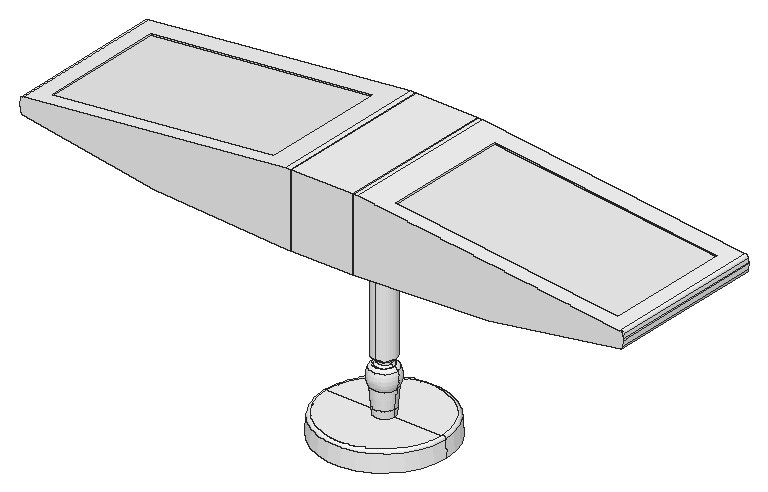
Revit family "Pendant PLED10", category Lighting Fixtures, host Face, Revit 2014
Parameters (values of type "Base Type")
  Wattage Comments = "0"
  Voltage = 0 V
  Vertical Field Angle Degrees = 0
  Vertical Beam Angle Degrees = 0
  Uniformat II Description = "Default - Load Type Catalog"
  Uniformat II (Assembly Code) = "Default - Load Type Catalog"
  URL Alternate 2 = "www.rabweb.com"
  URL Alternate 1 = "www.rabweb.com"
  URL = "www.rabled.com"
  UL / ULC Listing = "Default - Load Type Catalog"
  Type Mounting - Location [instance] = "Fixture Location Notes"
  Type Mark [instance] = "Mark as to Fixture Type"
  Type Comments = "Default - Load Type Catalog"
  Total Lumnaire Efficiency = "Default - Load Type Catalog"
  THD = "Default - Load Type Catalog"
  Surge Protection kV = 0 V
  Starting Amps = 0 A
  Spacing Criteria Diagonal = 0
  Spacing Criteria 90-270 = 0
  Spacing Criteria 0-180 = 0
  Source = "Default - Load Type Catalog"
  Right Fixture Twist [instance] = if(Flip Fixture, 0.00°, 180.00°)  # 180.00°
  RAB Ballast / Driver ID = "Default - Load Type Catalog"
  Product Model Number = "Default - Load Type Catalog"
  Product Line = "Default - Load Type Catalog"
  Product Description = "Default - Load Type Catalog"
  Pole Wall Thickness ga. = "Default - Load Type Catalog"
  Pole Finish = none
  Photometric File Name = "Default - Load Type Catalog"
  Operating Amps = 0 A
  OmniClass Code [instance] = "Default - Load Type Catalog"
  OmciClass Description [instance] = "Default - Load Type Catalog"
  Number of Drivers = "Default - Load Type Catalog"
  Nominal Wattage = 0 W
  Nominal Color Temperature = 0 K
  NEMA Type = "Default - Load Type Catalog"
  Mounting Configuration = "Default - Load Type Catalog"
  Model = Product Model Number  # "Default - Load Type Catalog"
  Min Starting Temp = -40 °F
  Mean Source Lumens or L70 Point = 0 lm
  Max Pole Load Rating [instance] = "Default - Load Type Catalog"
  Max Pole EPA Rating = "Default - Load Type Catalog"
  Max Ambient Temp = 104 °F
  Masterformat 2004 Divison of Work = "Default - Load Type Catalog"
  Master Foramt 2004 (Keynote) = "Default - Load Type Catalog"
  Manufacturer = "RAB Lighting, Inc."
  Luminious Aperture Appearance = none
  Luminiare Efficacy Rating LER = 0 lm/W
  Lumens per Watt = 0 lm/W
  Longitudinal Classification = "Default - Load Type Catalog"
  Lensing / Control Media = "Default - Load Type Catalog"
  Left Fixture Twist [instance] = if(Flip Fixture, 0.00°, 180.00°)  # 180.00°
  Lamp Envelop = "Default - Load Type Catalog"
  Lamp Base = "Default - Load Type Catalog"
  Lamp = Source  # "Default - Load Type Catalog"
  Keynote = "Division 26"
  Input Wattage = 0 W
  Initial Source Lumens = 0 lm
  IP Rating = "Default - Load Type Catalog"
  IES Classification = "Default - Load Type Catalog"
  Horizontial Field Angle Degrees = 0
  Horizontal Beam Angle Degrees = 0
  Lenght_Calc [instance] = if(Length < 0' 6", 0' 6", if(Length > 2' 6", 2' 10", if(Length > 2' 0", 2' 6", if(Length > 1' 6", 2' 0", if(Length > 1' 0", 1' 6", if(Length > 0' 6", 1' 0", 0' 6"))))))  # 0' - 6"
  Glass = none
  Flip Fixture [instance] = no
  Fixture Weight lbs. = "Default - Load Type Catalog"
  Fixture Finish = none
  Fixture EPA Rating = "Default - Load Type Catalog"
  Length [instance] = 0' - 6"
  Field Efficiency = "Default - Load Type Catalog"
  Description = Product Description  # "Default - Load Type Catalog"
  Default Elevation = 4' - 0"
  Data Datecode = "Date Revit Family Type was Created"
  Cutoff Classification = "Default - Load Type Catalog"
  Cost = 0
  Connector Description = "Default - Load Type Catalog"
  built-in parameter 1114216 [instance] = (empty or 0)
  CRI a = "Default - Load Type Catalog"
  CRI 9 = "Default - Load Type Catalog"
  CIE Type = "Default - Load Type Catalog"
  Bolt Circle = "Default - Load Type Catalog"
  Beam Efficiency % = "Default - Load Type Catalog"
  Base Configuration = "Default - Load Type Catalog"
  Ballast ID / ANSI Spec = "Default - Load Type Catalog"
  Ballast Factor = 0
  Ballast / Driver Circuit = "Default - Load Type Catalog"
  BUG Rating = "Default - Load Type Catalog"
  Avg Rated Life - TM21 Life Expectancy = "Default - Load Type Catalog"
  Assembly Code = "D5020200"
  Apparent Load = Operating Amps * Voltage  # 0 VA
  Anchor Bolts = "Default - Load Type Catalog"
  Absolute Color Temperature = 0 K
  ANSI Lamp Spec = "Default - Load Type Catalog"
Reference planes (in)
  plane 1 "Center (Front/Back)": y = 0
  plane 2: z = 0
  plane 3 "Center (Left/Right)": x = 0
  plane 4: z = 6
  plane 5 "Left Twist Plane": x = -1.00025
  plane 6 "Right Twist Plane": x = 0.99975
  plane 7 "Left Twist Horz": z = 7.16246
  plane 8: z = 7.16246
Lines and regions (in)
  reference lines
    curve 1: line (-1.00025, 0, 7.16246) -> (-1.00025, 2.5, 7.16246)
    curve 2: line (0.99975, 0, 7.16246) -> (0.99975, -1.70871, 7.16246)
Dimensions and locks (in)
  "Lenght_Calc": plane 4 to plane 2
  locked: plane 8 to plane 4 at 1.16246
  locked: plane 7 "Left Twist Horz" to plane 4 at 1.16246
  "Left Fixture Twist": angle plane 7 "Left Twist Horz" to curve 1
  "Right Fixture Twist": angle plane 8 to curve 2
  aligned and locked: plane 2 to host face
  aligned and locked: level to host face
  aligned and locked: plane 4 to nested 1
  aligned and locked: plane 1 "Center (Front/Back)" to curve 1
  aligned and locked: plane 7 "Left Twist Horz" to curve 1
  aligned and locked: plane 1 "Center (Front/Back)" to curve 2
  aligned and locked: plane 8 to curve 2
Automatic sketch dimensions
  host sketch curve to host sketch curve = 0' - 4.26474"
  host sketch curve to host sketch curve = 0' - 4"
Nested families (in)
  nested 1: "Pendant CLED Mounting Fixture" at (-0.00013, 0, 0), type "PLED10 - Cool"
    with Type Mounting - Location "Fixture Location Notes", Type Mark "Mark as to Fixture Type", Swappable Fixture PLED10 : PLED10, OmniClass Code "Default - Load Type Catalog", OmciClass Description "Default - Load Type Catalog", Fixture Arm Length 0' - 3.73037", built-in parameter 1114216 (empty or 0)
  nested 2: "PLED10" at (-1.00025, 0, 7.1521) x (0, 0, 1) z (-1, 0, 0), type "PLED10"
    with Type Mounting - Location "Fixture Location Notes", Type Mark "Mark as to Fixture Type", OmniClass Code "Default - Load Type Catalog", OmciClass Description "Default - Load Type Catalog", Max Pole Load Rating "Default - Load Type Catalog", Coefficient of Utilization 0
  nested 3: "PLED10" at (0.99975, 0, 7.1521) x (0, 0, 1) z (1, 0, 0), type "PLED10"
    with Type Mounting - Location "Fixture Location Notes", Type Mark "Mark as to Fixture Type", OmniClass Code "Default - Load Type Catalog", OmciClass Description "Default - Load Type Catalog", Max Pole Load Rating "Default - Load Type Catalog", Coefficient of Utilization 0
Definition of nested family "Pendant CLED Mounting Fixture"
  Parameters (values of type "PLED Fixture")
    Wattage Comments = "0"
    Voltage = 0 V
    Vertical Field Angle Degrees = 0
    Vertical Beam Angle Degrees = 0
    Uniformat II Description = "Default - Load Type Catalog"
    Uniformat II (Assembly Code) = "Default - Load Type Catalog"
    URL Alternate 2 = "www.rabweb.com"
    URL Alternate 1 = "www.rabweb.com"
    URL = "www.rabled.com"
    UL / ULC Listing = "Default - Load Type Catalog"
    Type Mounting - Location [instance] = "Fixture Location Notes"
    Type Mark [instance] = "Mark as to Fixture Type"
    Type Comments = "Default - Load Type Catalog"
    Total Lumnaire Efficiency = "Default - Load Type Catalog"
    THD = "Default - Load Type Catalog"
    Swappable Fixture [instance] = PLED10 : PLED10
    Surge Protection kV = 0 V
    Starting Amps = 0 A
    Spacing Criteria Diagonal = 0
    Spacing Criteria 90-270 = 0
    Spacing Criteria 0-180 = 0
    Source = "Default - Load Type Catalog"
    RAB Ballast / Driver ID = "Default - Load Type Catalog"
    Product Model Number = "Default - Load Type Catalog"
    Product Line = "Default - Load Type Catalog"
    Product Description = "Default - Load Type Catalog"
    Photometric File Name = "Default - Load Type Catalog"
    Operating Amps = 0 A
    OmniClass Code [instance] = "Default - Load Type Catalog"
    OmciClass Description [instance] = "Default - Load Type Catalog"
    Number of Drivers = "Default - Load Type Catalog"
    Nominal Wattage = 0 W
    Nominal Color Temperature = 0 K
    NEMA Type = "Default - Load Type Catalog"
    Mounting Configuration = "Default - Load Type Catalog"
    Model = Product Model Number  # "Default - Load Type Catalog"
    Min Starting Temp = -40 °F
    Mean Source Lumens or L70 Point = 0 lm
    Max Ambient Temp = 104 °F
    Masterformat 2004 Divison of Work = "Default - Load Type Catalog"
    Master Foramt 2004 (Keynote) = "Default - Load Type Catalog"
    Manufacturer = "RAB Lighting, Inc."
    Luminious Aperture Appearance = Glass-RAB Lighting-LED ON
    Luminiare Efficacy Rating LER = 0 lm/W
    Lumens per Watt = 0 lm/W
    Longitudinal Classification = "Default - Load Type Catalog"
    Lensing / Control Media = "Default - Load Type Catalog"
    Lamp Envelop = "Default - Load Type Catalog"
    Lamp Base = "Default - Load Type Catalog"
    Lamp = Source  # "Default - Load Type Catalog"
    Keynote = "Division 26"
    Input Wattage = 0 W
    Initial Source Lumens = 0 lm
    IP Rating = "Default - Load Type Catalog"
    IES Classification = "Default - Load Type Catalog"
    Horizontial Field Angle Degrees = 0
    Horizontal Beam Angle Degrees = 0
    Glass = none
    Fixture Weight lbs. = "Default - Load Type Catalog"
    Fixture Finish = Metal-RAB Lighting-Aluminum-White
    Fixture EPA Rating = "Default - Load Type Catalog"
    built-in parameter 1114216 [instance] = (empty or 0)
    Apparent Load = Operating Amps * Voltage  # 0 VA
    Fixture Arm Length [instance] = 0' - 6"
    Field Efficiency = "Default - Load Type Catalog"
    Description = Product Description  # "Default - Load Type Catalog"
    Default Elevation = 1' - 0"
    Data Datecode = "Date Revit Family Type was Created"
    Cutoff Classification = "Default - Load Type Catalog"
    Cost = 0
    Connector Description = "Default - Load Type Catalog"
    CRI a = "Default - Load Type Catalog"
    CRI 9 = "Default - Load Type Catalog"
    CIE Type = "Default - Load Type Catalog"
    Bolt Circle = "Default - Load Type Catalog"
    Beam Efficiency % = "Default - Load Type Catalog"
    Base Configuration = "Default - Load Type Catalog"
    Ballast ID / ANSI Spec = "Default - Load Type Catalog"
    Ballast Factor = 0
    Ballast / Driver Circuit = "Default - Load Type Catalog"
    BUG Rating = "Default - Load Type Catalog"
    Avg Rated Life - TM21 Life Expectancy = "Default - Load Type Catalog"
    Assembly Code = "D5020200"
    Anchor Bolts = "Default - Load Type Catalog"
    Absolute Color Temperature = 0 K
    ANSI Lamp Spec = "Default - Load Type Catalog"
  Types (2): name | Fixture Arm Length
    PLED Fixture | 0' - 6"
    PLED10 - Cool | 1' - 0"
  Reference planes (in)
    plane 1 "Center (Front/Back)": y = 0
    plane 2 "mount base level": z = 0
    plane 3 "Center (Left/Right)": x = 0
    plane 4 "Arm base level": z = 0.6
    plane 5 "Connection Height start": z = 2.26963
    plane 6 "Fixture connection": z = 9.43209
    plane 7 "Left Fixture Twist": x = -1.00013
    plane 8 "Right Fixture Twist": x = 0.99987
    plane 9: y = 2.5
    plane 10: y = -2.5
    plane 11: y = 4.75
    plane 12: y = -4.75
    plane 13: y = 4.5
    plane 14: y = -4.5
    plane 15: z = 10.59455
    plane 16: z = 8.26963
  Forms (in)
    Extrusion 1, solid
      sketch origin (0, 0, 0) x (1, 0, 0) y (0, 1, 0)
        loop
          line (-2.5, 2.5) -> (-2.5, -2.5) -> (2.50175, -2.5) -> (2.50175, 2.5) -> (-2.5, 2.5)
      from 0 to -0.41709
    Extrusion 2, solid, material "Metal-RAB Lighting-Aluminum-White" <- "Fixture Finish"
      sketch origin (0, 0, 2.26963) x (0, -1, 0) y (1, 0, 0)
        loop
          circle (0, 0) r 0.3543
      from 0 to 6
    Revolve 3, solid, material "Metal-RAB Lighting-Aluminum-White" <- "Fixture Finish"
      sketch origin (0, 0, 0) x (1, 0, 0) y (0, 0, 1)
        loop
          line (-1.95549, 0.50872) -> (-2, 0) -> (0, 0) -> (0, 2.26963) -> (-0.35433, 2.26963) -> (-0.21654, 2.16639) -> (-0.21654, 2.08637)
          arc (-0.21654, 2.08637) -> (-0.24589, 2.0565) -> (-0.27116, 2.02311) r 0.32486
          line (-0.27116, 2.02311) -> (-0.32432, 2.02311)
          arc (-0.32432, 2.02311) -> (-0.38144, 1.98631) -> (-0.419, 1.92969) r 0.16586
          arc (-0.419, 1.92969) -> (-0.4667, 1.6613) -> (-0.38506, 1.40121) r 0.57334
          line (-0.38506, 1.40121) -> (-0.34501, 0.83247) -> (-0.32469, 0.6) -> (-1.85587, 0.6)
          arc (-1.85587, 0.6) -> (-1.92343, 0.57373) -> (-1.95549, 0.50872) r 0.1
        axis (0, 2.26963) -> (0, 0)
      angle from 0 to 360
    Extrusion 4, solid, material "Metal-RAB Lighting-Aluminum-White" <- "Fixture Finish"
      sketch origin (17.86239, -180, 9.43209) x (0, -1, 0) y (-1, 0, 0)
        loop
          line (-182.5, 18.86252) -> (-182.5, 16.86252) -> (-177.5, 16.86252) -> (-177.5, 18.86252) -> (-182.5, 18.86252)
      from 1.16246 to -1.16246
  Dimensions and locks (in)
    plane 15 to plane 6 "Fixture connection" to plane 16 = 0' - 1.16246" locked, 0' - 1.16246" locked
    plane 5 "Connection Height start" to plane 4 "Arm base level" to plane 2 "mount base level" = 0' - 1.66963" locked, 0' - 0.6" locked
    "Fixture Arm Length": plane 16 to plane 5 "Connection Height start"
    aligned and locked: plane 2 "mount base level" to Extrusion 1
    aligned and locked: level to Extrusion 1
    aligned and locked: plane 5 "Connection Height start" to Extrusion 2
    aligned and locked: Extrusion 2 to Extrusion 4
    aligned and locked: plane 16 to Extrusion 4
    aligned and locked: Extrusion 4 to plane 15
  Automatic sketch dimensions
    Extrusion 1 sketch curve to Extrusion 1 sketch curve = 0' - 5.00175"
    Extrusion 1 sketch curve to Extrusion 1 sketch curve = 0' - 5"
    plane 1 "Center (Front/Back)" to Extrusion 2 sketch curve = 0' - 0"
    Extrusion 2 sketch curve to plane 3 "Center (Left/Right)" = 0' - 0"
    Extrusion 4 sketch curve to plane 8 "Right Fixture Twist" = 0' - 0"
    plane 9 to Extrusion 4 sketch curve = 0' - 0"
    Extrusion 4 sketch curve to plane 7 "Left Fixture Twist" = 0' - 0"
    plane 10 to Extrusion 4 sketch curve = 0' - 0"
    Revolve 3 sketch curve to level = 0' - 0"
    plane 7 "Left Fixture Twist" to Revolve 3 sketch curve = 0' - 0.99987"
    Revolve 3 sketch curve to plane 4 "Arm base level" = 0' - 0"
    Revolve 3 sketch curve to plane 5 "Connection Height start" = 0' - 0"
    Revolve 3 sketch curve to plane 3 "Center (Left/Right)" = 0' - 0"  (x3)
    plane 7 "Left Fixture Twist" to Revolve 3 sketch curve = 0' - 0.95537"
    Revolve 3 sketch curve to Revolve 3 sketch curve = 0' - 0.09962"
    Revolve 3 sketch curve to plane 3 "Center (Left/Right)" = 0' - 0.38506"
    Revolve 3 sketch curve to Revolve 3 sketch curve = 0' - 0.35433"
    Revolve 3 sketch curve to plane 3 "Center (Left/Right)" = 0' - 0.34501"
    Revolve 3 sketch curve to Revolve 3 sketch curve = 0' - 0.02032"
    Revolve 3 sketch curve to Revolve 3 sketch curve = 0' - 0.03001"
    Revolve 3 sketch curve to Revolve 3 sketch curve = 0' - 0.05316"
    Revolve 3 sketch curve to Revolve 3 sketch curve = 0' - 0.00621"
    plane 5 "Connection Height start" to Revolve 3 sketch curve = 0' - 0.10324"
    Revolve 3 sketch curve to Revolve 3 sketch curve = 0' - 0.05462"
    plane 3 "Center (Left/Right)" to Revolve 3 sketch curve = 0' - 0 27/256"
    Revolve 3 sketch curve to Revolve 3 sketch curve = 0' - 0.1"
    Revolve 3 sketch curve to plane 4 "Arm base level" = 0' - 0.23247"
    Revolve 3 sketch curve to Revolve 3 sketch curve = 0' - 0.56874"
    Revolve 3 sketch curve to Revolve 3 sketch curve = 0' - 0.46834"
    Revolve 3 sketch curve to Revolve 3 sketch curve = 0' - 0.14615"
    Revolve 3 sketch curve to Revolve 3 sketch curve = 0' - 0.02404"
    Revolve 3 sketch curve to Revolve 3 sketch curve = 0' - 0.15487"
    Revolve 3 sketch curve to Revolve 3 sketch curve = 0' - 0.1065"
    Revolve 3 sketch curve to Revolve 3 sketch curve = 0' - 0 1/4"
    radius of Extrusion 2 sketch curve = 0' - 0.3543"
Definition of nested family "PLED10"
  Parameters (values of type "PLED10")
    Wattage Comments = "0"
    Voltage = 0 V
    Vertical Field Angle Degrees = 0
    Vertical Beam Angle Degrees = 0
    Uniformat II Description = "Default - Load Type Catalog"
    Uniformat II (Assembly Code) = "Default - Load Type Catalog"
    URL Alternate 2 = "www.rabweb.com"
    URL Alternate 1 = "www.rabweb.com"
    URL = "www.rabled.com"
    UL / ULC Listing = "Default - Load Type Catalog"
    Type Mounting - Location [instance] = "Fixture Location Notes"
    Type Mark [instance] = "Mark as to Fixture Type"
    Type Comments = "Default - Load Type Catalog"
    Total Lumnaire Efficiency = "Default - Load Type Catalog"
    THD = "Default - Load Type Catalog"
    Surge Protection kV = 0 V
    Starting Amps = 0 A
    Spacing Criteria Diagonal = 0
    Spacing Criteria 90-270 = 0
    Spacing Criteria 0-180 = 0
    Source = "Default - Load Type Catalog"
    RAB Ballast / Driver ID = "Default - Load Type Catalog"
    Product Model Number = "Default - Load Type Catalog"
    Product Line = "Default - Load Type Catalog"
    Product Description = "Default - Load Type Catalog"
    Pole Wall Thickness ga. = "Default - Load Type Catalog"
    Pole Finish = none
    Photometric File Name = "Default - Load Type Catalog"
    Operating Amps = 0 A
    OmniClass Code [instance] = "Default - Load Type Catalog"
    OmciClass Description [instance] = "Default - Load Type Catalog"
    Number of Drivers = "Default - Load Type Catalog"
    Nominal Wattage = 0 W
    Nominal Color Temperature = 0 K
    NEMA Type = "Default - Load Type Catalog"
    Mounting Configuration = "Default - Load Type Catalog"
    Model = Product Model Number  # "Default - Load Type Catalog"
    Min Starting Temp = -40 °F
    Mean Source Lumens or L70 Point = 0 lm
    Max Pole Load Rating [instance] = "Default - Load Type Catalog"
    Max Pole EPA Rating = "Default - Load Type Catalog"
    Max Ambient Temp = 104 °F
    Masterformat 2004 Divison of Work = "Default - Load Type Catalog"
    Master Foramt 2004 (Keynote) = "Default - Load Type Catalog"
    Manufacturer = "RAB Lighting, Inc."
    Luminious Aperture Appearance = Glass-RAB Lighting-LED ON
    Luminiare Efficacy Rating LER = 0 lm/W
    Lumens per Watt = 0 lm/W
    Longitudinal Classification = "Default - Load Type Catalog"
    Lensing / Control Media = "Default - Load Type Catalog"
    Lamp Envelop = "Default - Load Type Catalog"
    Lamp Base = "Default - Load Type Catalog"
    Lamp = Source  # "Default - Load Type Catalog"
    Keynote = "Division 26"
    Input Wattage = 0 W
    Initial Source Lumens = 0 lm
    IP Rating = "Default - Load Type Catalog"
    IES Width Location = 1' - 1"
    IES Length Location = 0' - 0"
    IES Classification = "Default - Load Type Catalog"
    Horizontial Field Angle Degrees = 0
    Horizontal Beam Angle Degrees = 0
    Glass = none
    Fixture Width Nominal = 0' - 0"
    Fixture Weight lbs. = "Default - Load Type Catalog"
    Fixture Length Nominal = 0' - 0"
    Fixture Finish = Metal-RAB Lighting-Aluminum-White
    Fixture EPA Rating = "Default - Load Type Catalog"
    Fixture Depth Nominal = 0' - 0"
    Field Efficiency = "Default - Load Type Catalog"
    Description = Product Description  # "Default - Load Type Catalog"
    Default Elevation = 4' - 0"
    Data Datecode = "Date Revit Family Type was Created"
    Cutoff Classification = "Default - Load Type Catalog"
    Cost = 0
    Connector Description = "Default - Load Type Catalog"
    Coefficient of Utilization [instance] = 0
    CRI a = "Default - Load Type Catalog"
    CRI 9 = "Default - Load Type Catalog"
    CIE Type = "Default - Load Type Catalog"
    Bolt Circle = "Default - Load Type Catalog"
    Beam Efficiency % = "Default - Load Type Catalog"
    Base Configuration = "Default - Load Type Catalog"
    Ballast ID / ANSI Spec = "Default - Load Type Catalog"
    Ballast Factor = 0
    Ballast / Driver Circuit = "Default - Load Type Catalog"
    BUG Rating = "Default - Load Type Catalog"
    Avg Rated Life - TM21 Life Expectancy = "Default - Load Type Catalog"
    Assembly Code = "D5020200"
    Apparent Load = Operating Amps * Voltage  # 0 VA
    Anchor Bolts = "Default - Load Type Catalog"
    Absolute Color Temperature = 0 K
    ANSI Lamp Spec = "Default - Load Type Catalog"
  Reference planes (in)
    plane 1 "Center (Front/Back)": y = 0
    plane 2 "Front": z = 0
    plane 3 "Center (Left/Right)": x = 0
  Forms (in)
    Extrusion 1, solid
      sketch origin (0, 0, 0) x (1, 0, 0) y (0, 1, 0)
        loop
          line (-1.1521, 2.5) -> (-1.1521, -2.5) -> (1.17282, -2.5) -> (1.17282, 2.5) -> (-1.1521, 2.5)
      from 0 to -0.5993
    Extrusion 2, solid, material "Metal-RAB Lighting-Aluminum-White" <- "Fixture Finish"
      sketch origin (0, 2.5, 0) x (1, 0, 0) y (0, 0, 1)
        loop
          arc (-0.25701, 8.57376) -> (-0.93197, 4.35021) -> (-1.1521, 0.07874) r 40
          line (-1.1521, 0.07874) -> (-1.1521, 0) -> (1.17282, 0) -> (1.17282, 0.15874)
          arc (1.17282, 0.15874) -> (0.52037, 4.33537) -> (0.26271, 8.55479) r 45
          arc (0.26271, 8.55479) -> (0.23422, 8.6233) -> (0.16638, 8.65333) r 0.1
          line (0.16638, 8.65333) -> (0.05137, 8.65874) -> (0.01137, 8.65874) -> (-0.16274, 8.65266)
          arc (-0.16274, 8.65266) -> (-0.22343, 8.62941) -> (-0.25701, 8.57376) r 0.1
      from 0 to 5
    Extrusion 3, void
      sketch origin (0, 2, 0) x (1, 0, 0) y (0, 0, 1)
        loop
          line (0.31363, 8.08006) -> (0.1886, 8.08006)
          arc (0.1886, 8.08006) -> (0.41415, 4.48733) -> (0.92537, 0.92402) r 45.125
          line (0.92537, 0.92402) -> (1.05248, 0.92402)
          arc (1.05248, 0.92402) -> (0.53983, 4.48725) -> (0.31363, 8.08006) r 45
      from 0 to 4
    Extrusion 4, solid, material "Glass-RAB Lighting-LED ON" <- "Luminious Aperture Appearance"
      sketch origin (-0.08852, 2, 0) x (1, 0, 0) y (0, 0, 1)
        loop
          line (0.31363, 8.08006) -> (0.1886, 8.08006)
          arc (0.1886, 8.08006) -> (0.41415, 4.48733) -> (0.92537, 0.92402) r 45.125
          line (0.92537, 0.92402) -> (1.05248, 0.92402)
          arc (1.05248, 0.92402) -> (0.53983, 4.48725) -> (0.31363, 8.08006) r 45
      from 0 to 4
  Cuts and joins
    Extrusion 3 cuts Extrusion 2
  Dimensions and locks (in)
    aligned and locked: plane 2 "Front" to Extrusion 1
    aligned and locked: level to Extrusion 1
